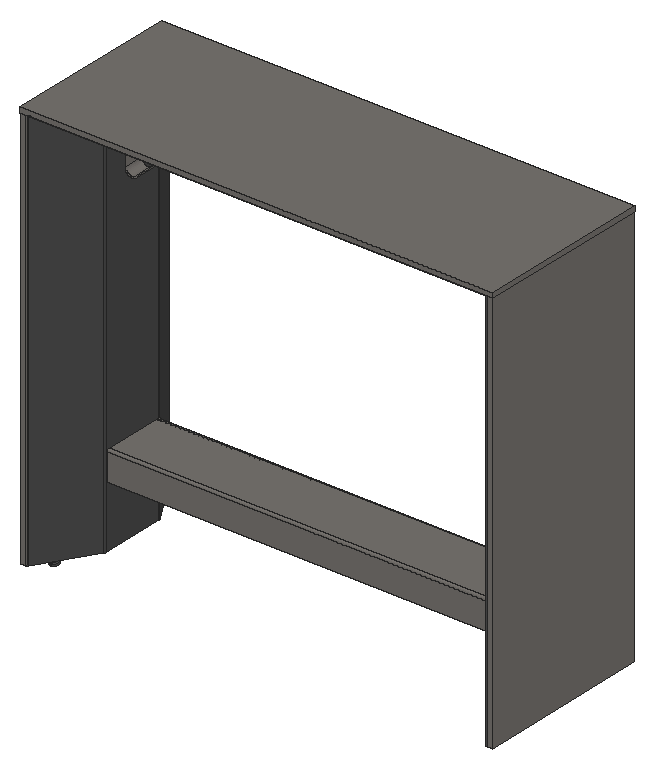
Revit family "revitupgrade", category Furniture, Revit 2019
Family settings
  Work Plane-Based = No
  Always vertical = Yes
  Cut with Voids When Loaded = No
  Shared = No
  Room Calculation Point = No
Parameters (values of type "48W")
  Width = 48.00"
  URL = "https://www.steelcase.com"
  Top [instance] = Steelcase - 25L6 Blackwood LPL
  Symbol Name = "TS4TPSTS48A,TS4TPSTS48A2,TS4TPSTS48A3"
  Style Number(s) = "TS4TPSTS48"
  Release Date = "April 2018"  # constant formula
  Receptacle = Steelcase - 6249 Platinum Solid
  Product Line = "Turnstone"  # constant formula
  Product = "Campfire"  # constant formula
  Power Cord = Steelcase - 6205 Black
  Opaque [instance] = yes
  Manufacturer = "Steelcase"  # constant formula
  Frame [instance] = Steelcase - 25L6 Blackwood LPL
  Description = ""
  Copyright = "© 2010 Steelcase Inc."  # constant formula
  AutoCAD Tag = "48"
  Authoring Version = "Revit 2016"  # constant formula
  Assembly Code = "E2020200"
Types (2): name | Width | Symbol Name | Style Number(s) | AutoCAD Tag
  60W | 60.00" | "TS4TPSTS60A5,TS4TPSTS60A6,TS4TPSTS60A4" | "TS4TPSTS60" | "60"
  48W | 48.00" | "TS4TPSTS48A,TS4TPSTS48A2,TS4TPSTS48A3" | "TS4TPSTS48" | "48"
Reference planes (in)
  plane 1 "Center Front/Back": y = 0
  plane 2 "Bottom": z = 0
  plane 3 "Center Left/Right": x = 0
  plane 4: x = 48
  plane 5: z = 0.3189
  plane 6: y = -0.0395
  plane 7: y = -17.96063
  plane 8: y = -17.99999
  plane 9: x = 0.07855
  plane 10: x = 47.92143
  plane 11: x = 47.40648
  plane 12: x = 0.59351
  plane 13: x = 0.77099
  plane 14: through (0, -14.08785, 38.93183) normal (0, -0.5323, -0.8465)
  plane 15: through (0, -0.97067, 40.78146) normal (0, -0.5323, 0.8465)
  plane 16: y = -9
  plane 17: x = 4.22243
  plane 18: x = 43.77769
  plane 19: x = 24
Forms (in)
  Extrusion 1, solid, material "Steelcase - 25L6 Blackwood LPL" <- "Top"
    sketch origin (0, 0, 0) x (1, 0, 0) y (0, 1, 0)
      loop
        line (0, -0.0395) -> (0, -17.99999) -> (48, -17.99999) -> (48, -0.0395) -> (0, -0.0395)
    from 41.46425 to 41.97725
  Extrusion 2, solid, material "Steelcase - 25L6 Blackwood LPL" <- "Frame"
    sketch origin (0, 0, 0) x (1, 0, 0) y (0, 0, 1)
      loop
        line (0.07855, 41.46425) -> (0.07855, 0.49497) -> (0.59351, 0.49497) -> (0.59351, 41.46425) -> (0.07855, 41.46425)
      loop
        line (47.40648, 41.46425) -> (47.40648, 0.49497) -> (47.92143, 0.49497) -> (47.92143, 41.46425) -> (47.40648, 41.46425)
    from 0.0395 to 17.96063
  Extrusion 3, solid, material "Steelcase - 6205 Black" <- "Power Cord"
    sketch origin (66, 0, 0) x (-1, 0, 0) y (0, -1, 0)
      loop
        line (18.59352, 17.82528) -> (18.59352, 0.17703)
        arc (18.59352, 0.17703) -> (18.67384, 0.06783) -> (18.80201, 0.11197) r 0.11439
        line (18.80201, 0.11197) -> (22.1626, 5.49014)
        arc (22.1626, 5.49014) -> (22.20708, 5.59007) -> (22.22231, 5.69838) r 0.39298
        line (22.22231, 5.69838) -> (22.22231, 12.29793)
        arc (22.22231, 12.29793) -> (22.20659, 12.40978) -> (22.16065, 12.51296) r 0.40578
        line (22.16065, 12.51296) -> (18.79981, 17.89153)
        arc (18.79981, 17.89153) -> (18.67251, 17.93361) -> (18.59352, 17.82528) r 0.11378
    from 0.49497 to 41.46425
  Extrusion 4, solid, material "Steelcase - 6205 Black" <- "Power Cord"
    sketch origin (0, 0, 0) x (0, 1, 0) y (0, 0, 1)
      loop
        line (-5.46283, 37.95673) -> (-0.24075, 41.24044)
        arc (-0.24075, 41.24044) -> (-0.18881, 41.37662) -> (-0.30527, 41.46425) r 0.1212
        line (-0.30527, 41.46425) -> (-17.6872, 41.46425)
        arc (-17.6872, 41.46425) -> (-17.80574, 41.37505) -> (-17.75287, 41.23644) r 0.12337
        line (-17.75287, 41.23644) -> (-12.53716, 37.95673)
        arc (-12.53716, 37.95673) -> (-12.4095, 37.89956) -> (-12.271, 37.88) r 0.5
        line (-12.271, 37.88) -> (-5.72899, 37.88)
        arc (-5.72899, 37.88) -> (-5.59049, 37.89956) -> (-5.46283, 37.95673) r 0.5
    from 0.59351 to 47.40648
  Extrusion 5, solid, material "Steelcase - 25L6 Blackwood LPL" <- "Frame"
    sketch origin (0, 0, 0) x (0, 1, 0) y (0, 0, 1)
      loop
        arc (-5.93237, 9.74631) -> (-5.83589, 9.70634) -> (-5.79592, 9.60986) r 0.13645
        line (-5.79592, 9.60986) -> (-5.79592, 6.84929) -> (-5.69293, 6.84929) -> (-5.69293, 9.61591)
        arc (-5.69293, 9.61591) -> (-5.76128, 9.78094) -> (-5.92631, 9.84929) r 0.23339
        line (-5.92631, 9.84929) -> (-12.07776, 9.84929)
        arc (-12.07776, 9.84929) -> (-12.23993, 9.78212) -> (-12.30711, 9.61995) r 0.22935
        line (-12.30711, 9.61995) -> (-12.30711, 6.85081) -> (-12.20411, 6.85081) -> (-12.20411, 9.61509)
        arc (-12.20411, 9.61509) -> (-12.16568, 9.70788) -> (-12.07289, 9.74631) r 0.13122
        line (-12.07289, 9.74631) -> (-5.93237, 9.74631)
    from 4.22243 to 43.77769
  Extrusion 6, solid, material "Steelcase - 6205 Black" <- "Power Cord"
    sketch origin (-6, 0, 0) x (1, 0, 0) y (0, 1, 0)
      loop
        arc (6.59351, -17.82528) -> (6.67255, -17.93363) -> (6.79986, -17.89144) r 0.11378
        line (6.79986, -17.89144) -> (10.16077, -12.51277)
        arc (10.16077, -12.51277) -> (10.20671, -12.40959) -> (10.22243, -12.29774) r 0.40578
        line (10.22243, -12.29774) -> (10.22243, -5.69857)
        arc (10.22243, -5.69857) -> (10.2072, -5.59026) -> (10.16271, -5.49033) r 0.39298
        line (10.16271, -5.49033) -> (6.80208, -0.11209)
        arc (6.80208, -0.11209) -> (6.6739, -0.06781) -> (6.59351, -0.17703) r 0.11439
        line (6.59351, -0.17703) -> (6.59351, -17.82528)
    from 0.49497 to 41.46425
  Extrusion 7, solid, material "Steelcase - 25L6 Blackwood LPL" <- "Frame"
    sketch origin (0, 0, 0) x (1, 0, 0) y (0, 0, 1)
      loop
        line (4.2975, 36.63669) -> (4.22243, 36.63669) -> (4.22243, 34.55698)
        arc (4.22243, 34.55698) -> (4.69147, 33.86159) -> (5.51193, 34.03598) r 0.75
        line (5.51193, 34.03598) -> (6.62404, 35.1876) -> (6.57224, 35.23939) -> (5.4602, 34.08784)
        arc (5.4602, 34.08784) -> (4.72042, 33.93059) -> (4.2975, 34.5576) r 0.67625
        line (4.2975, 34.5576) -> (4.2975, 36.63669)
    from 7.99996 to 9.99998
  Extrusion 8, solid, material "Steelcase - 25L6 Blackwood LPL" <- "Frame"
    sketch origin (48, 0, 0) x (-1, 0, 0) y (0, 0, -1)
      loop
        line (4.2975, -36.63669) -> (4.2975, -34.5576)
        arc (4.2975, -34.5576) -> (4.72042, -33.93059) -> (5.4602, -34.08784) r 0.67625
        line (5.4602, -34.08784) -> (6.57224, -35.23939) -> (6.62404, -35.1876) -> (5.51181, -34.03586)
        arc (5.51181, -34.03586) -> (4.69135, -33.86146) -> (4.22231, -34.55685) r 0.75
        line (4.22231, -34.55685) -> (4.22231, -36.63669) -> (4.2975, -36.63669)
    from 7.99996 to 9.99998
  Extrusion 9, void
    sketch origin (-0.15625, 0, 0) x (1, 0, 0) y (0, 1, 0)
      loop
        line (5.26271, -7.97571) -> (6.26611, -8.10659)
        arc (6.26611, -8.10659) -> (6.44211, -8.20789) -> (6.53029, -8.39082) r 0.34391
        line (6.53029, -8.39082) -> (6.53029, -9.60918)
        arc (6.53029, -9.60918) -> (6.43486, -9.79968) -> (6.24552, -9.89741) r 0.34391
        line (6.24552, -9.89741) -> (5.05829, -10.02138) -> (5.05829, -10.24996) -> (7.2102, -10.24996) -> (7.2102, -7.49996) -> (5.26271, -7.49996) -> (5.26271, -7.97571)
    from 20.31768 to 36.63669
  Extrusion 10, void
    sketch origin (48.15625, 0, 0) x (-1, 0, 0) y (0, -1, 0)
      loop
        line (5.26271, 7.97571) -> (5.26271, 7.49996) -> (7.2102, 7.49996) -> (7.2102, 10.24996) -> (5.05829, 10.24996) -> (5.05829, 10.02138) -> (6.24552, 9.89741)
        arc (6.24552, 9.89741) -> (6.43486, 9.79968) -> (6.53029, 9.60918) r 0.34391
        line (6.53029, 9.60918) -> (6.53029, 8.39082)
        arc (6.53029, 8.39082) -> (6.44211, 8.20789) -> (6.26611, 8.10659) r 0.34391
        line (6.26611, 8.10659) -> (5.26271, 7.97571)
    from 20.31768 to 36.63669
  Extrusion 11, solid, material "Steelcase - 6249 Platinum Solid" <- "Receptacle"
    sketch origin (0, -14.08785, 38.93183) x (0, -0.846544, 0.532319) y (-1, 0, 0)
      loop
        line (1.84584, -22.42039) -> (0.0962, -22.42039) -> (0.0962, -25.56436) -> (1.84584, -25.56436) -> (1.84584, -22.42039)
    from 0 to 0.06421
  Extrusion 12, solid, material "Steelcase - 6249 Platinum Solid" <- "Receptacle"
    sketch origin (0, -14.12203, 38.87747) x (0, -0.846544, 0.532319) y (-1, 0, 0)
      loop
        line (1.79268, -23.46387) -> (0.29268, -23.46387) -> (0.29268, -24.53613) -> (1.79268, -24.53613) -> (1.79268, -23.46387)
      loop
        line (1.59888, -23.68635) -> (0.80293, -23.68635) -> (0.80293, -23.81246) -> (1.59888, -23.81246) -> (1.59888, -23.68635)
      loop
        line (1.56539, -24.17851) -> (0.93407, -24.17851) -> (0.93407, -24.30135) -> (1.56539, -24.30135) -> (1.56539, -24.17851)
      loop
        line (1.00537, -23.88104) -> (0.6373, -23.88104) -> (0.6373, -24.12519) -> (1.00537, -24.12519) -> (1.00537, -23.88104)
    from 0 to 0.04
  Extrusion 13, solid, material "Steelcase - 6249 Platinum Solid" <- "Receptacle"
    sketch origin (0, -3.91214, 38.93183) x (0, 0.846544, 0.532319) y (1, 0, 0)
      loop
        line (1.84584, 22.42039) -> (1.84584, 25.56436) -> (0.0962, 25.56436) -> (0.0962, 22.42039) -> (1.84584, 22.42039)
    from 0 to 0.06421
  Extrusion 14, solid, material "Steelcase - 6249 Platinum Solid" <- "Receptacle"
    sketch origin (0, -3.87796, 38.87747) x (0, 0.846544, 0.532319) y (1, 0, 0)
      loop
        line (1.79268, 23.46387) -> (1.79268, 24.53613) -> (0.29268, 24.53613) -> (0.29268, 23.46387) -> (1.79268, 23.46387)
      loop
        line (1.59888, 23.68635) -> (1.59888, 23.81246) -> (0.80293, 23.81246) -> (0.80293, 23.68635) -> (1.59888, 23.68635)
      loop
        line (1.56539, 24.17851) -> (1.56539, 24.30135) -> (0.93407, 24.30135) -> (0.93407, 24.17851) -> (1.56539, 24.17851)
      loop
        line (1.00537, 23.88104) -> (1.00537, 24.12519) -> (0.6373, 24.12519) -> (0.6373, 23.88104) -> (1.00537, 23.88104)
    from 0 to 0.04
  Revolve 15, solid, material "Steelcase - 6205 Black"
    sketch origin (1.5598, -1.02049, 0) x (0, 1, 0) y (0, 0, 1)
      loop
        line (-1.38728, 1.44086) -> (-1.38728, 0) -> (-0.9493, 0) -> (-0.9493, 0.11883)
        arc (-0.9493, 0.11883) -> (-1.04963, 0.19109) -> (-1.088, 0.30864) r 0.19921
        line (-1.088, 0.30864) -> (-1.088, 0.44428) -> (-1.22845, 0.44428) -> (-1.22845, 1.40005) -> (-1.27149, 1.44086) -> (-1.38728, 1.44086)
      axis (-1.38728, 1.44086) -> (-1.38728, 0)
    angle from 0 to 360
  Revolve 16, solid, material "Steelcase - 6205 Black"
    sketch origin (1.5598, -16.9795, 0) x (0, -1, 0) y (0, 0, -1)
      loop
        line (-1.38728, -1.44086) -> (-1.27149, -1.44086) -> (-1.22845, -1.40005) -> (-1.22845, -0.44428) -> (-1.088, -0.44428) -> (-1.088, -0.30864)
        arc (-1.088, -0.30864) -> (-1.04963, -0.19109) -> (-0.9493, -0.11883) r 0.19921
        line (-0.9493, -0.11883) -> (-0.9493, 0) -> (-1.38728, 0) -> (-1.38728, -1.44086)
      axis (-1.38728, -1.44086) -> (-1.38728, 0)
    angle from 0 to 360
  Revolve 17, solid, material "Steelcase - 6205 Black"
    sketch origin (46.4402, -1.02049, 0) x (0, 1, 0) y (0, 0, -1)
      loop
        line (-1.38728, -1.44086) -> (-1.27149, -1.44086) -> (-1.22845, -1.40005) -> (-1.22845, -0.44428) -> (-1.088, -0.44428) -> (-1.088, -0.30864)
        arc (-1.088, -0.30864) -> (-1.04963, -0.19109) -> (-0.9493, -0.11883) r 0.19921
        line (-0.9493, -0.11883) -> (-0.9493, 0) -> (-1.38728, 0) -> (-1.38728, -1.44086)
      axis (-1.38728, -1.44086) -> (-1.38728, 0)
    angle from 0 to 360
  Revolve 18, solid, material "Steelcase - 6205 Black"
    sketch origin (46.4402, -16.9795, 0) x (0, -1, 0) y (0, 0, 1)
      loop
        line (-1.38728, 1.44086) -> (-1.38728, 0) -> (-0.9493, 0) -> (-0.9493, 0.11883)
        arc (-0.9493, 0.11883) -> (-1.04963, 0.19109) -> (-1.088, 0.30864) r 0.19921
        line (-1.088, 0.30864) -> (-1.088, 0.44428) -> (-1.22845, 0.44428) -> (-1.22845, 1.40005) -> (-1.27149, 1.44086) -> (-1.38728, 1.44086)
      axis (-1.38728, 1.44086) -> (-1.38728, 0)
    angle from 0 to 360
Cuts and joins
  Extrusion 9 cuts Extrusion 5
  Extrusion 9, Extrusion 10 cuts Extrusion 7
  Extrusion 10 cuts Extrusion 8
Lines and regions (in)
  Masking region 1, visible <- "Opaque"
    outline origin (0, 0, 0) x (1, 0, 0) y (0, 1, 0)
      loop
        line (48, 0) -> (0, 0) -> (0, -17.99999) -> (48, -17.99999) -> (48, 0)
  symbolic lines, style "Steelcase Furniture"
    curve 1: line (0, 0, 0) -> (48, 0, 0)
    curve 2: line (0, -17.99999, 0) -> (0, 0, 0)
    curve 3: line (48, -17.99999, 0) -> (0, -17.99999, 0)
    curve 4: line (48, 0, 0) -> (48, -17.99999, 0)
Dimensions and locks (in)
  locked: plane 5 to plane 2 "Bottom" at 0.3189
  plane 3 "Center Left/Right" to plane 9 to plane 12 to plane 13 to plane 17 = 0.07855" locked, 0.51496" locked, 0.17748" locked, 3.45144" locked
  plane 18 to plane 11 to plane 10 to plane 4 = 3.62879" locked, 0.51495" locked, 0.07857" locked
  equal spacing: plane 1 "Center Front/Back", plane 16, plane 8
  locked: plane 6 to plane 1 "Center Front/Back" at 0.0395
  locked: plane 8 to plane 7 at 0.03937
  "Width": plane 3 "Center Left/Right" to plane 4
  equal spacing: plane 3 "Center Left/Right", plane 19, plane 4
  locked: plane 18 to Extrusion 8 sketch curve at 0.07519
  locked: plane 16 to Extrusion 9 sketch curve at 1.50003
  locked: Extrusion 9 sketch curve to plane 16 at 1.24997
  plane 17 to Extrusion 9 sketch curve = 0.88403"
  Extrusion 11 sketch curve to plane 19 to Extrusion 11 sketch curve = 1.56436" locked, 1.57961" locked
  equal spacing: Extrusion 12 sketch curve, plane 19, Extrusion 12 sketch curve, locked at 0.53613 each
  Extrusion 12 sketch curve to Extrusion 12 sketch curve to plane 19 to Extrusion 12 sketch curve to Extrusion 12 sketch curve = 0.12284" locked, 0.17851" locked, 0.18754" locked, 0.12611" locked
  Extrusion 12 sketch curve to plane 19 to Extrusion 12 sketch curve = 0.12519" locked, 0.11896" locked
  Extrusion 13 sketch curve to Extrusion 13 sketch curve = 3.14397"
  Extrusion 14 sketch curve to Extrusion 14 sketch curve = 1.07225"
  Extrusion 14 sketch curve to Extrusion 14 sketch curve to Extrusion 14 sketch curve to Extrusion 14 sketch curve = 0.12611" locked, 0.36605", 0.12284" locked
  Extrusion 14 sketch curve to Extrusion 14 sketch curve = 0.24416"
  locked: Revolve 17 to plane 11 at 0.96628
  locked: Revolve 18 to plane 11 at 0.96628
  aligned and locked: level to plane 2 "Bottom"
  aligned and locked: Extrusion 1 to plane 6
  aligned and locked: plane 7 to Extrusion 2
  aligned and locked: plane 8 to Extrusion 1
  aligned and locked: Extrusion 2 to plane 7  (x2)
  aligned and locked: Extrusion 2 to plane 6
  aligned and locked: Extrusion 3 to plane 11
  aligned and locked: plane 11 to Extrusion 2
  aligned and locked: plane 12 to Extrusion 2
  aligned and locked: Extrusion 4 to plane 11
  aligned and locked: Extrusion 5 to plane 17
  aligned and locked: Extrusion 5 to plane 18
  aligned and locked: plane 18 to Extrusion 3 sketch curve
  aligned and locked: Extrusion 3 sketch curve to plane 11
  aligned and locked: plane 12 to Extrusion 6 sketch curve
  aligned and locked: Extrusion 6 sketch curve to plane 17
  aligned and locked: plane 18 to Extrusion 8 sketch curve
Automatic sketch dimensions
  curve 3 to plane 3 "Center Left/Right" = 0.00"
  curve 3 to plane 4 = 0.00"
  plane 8 to curve 3 = 0.00"
  plane 1 "Center Front/Back" to curve 2 = 0.00"
  Extrusion 1 sketch curve to plane 3 "Center Left/Right" = 0.00"
  Extrusion 1 sketch curve to plane 4 = 0.00"
  plane 8 to Extrusion 1 sketch curve = 0.00"
  plane 6 to Extrusion 1 sketch curve = 0.00"
  Extrusion 2 sketch curve to plane 9 = 0.00"
  Extrusion 2 sketch curve to plane 12 = 0.00"
  plane 11 to Extrusion 2 sketch curve = 0.00"
  plane 10 to Extrusion 2 sketch curve = 0.00"
  plane 5 to Extrusion 2 sketch curve = 0.17607"  (x2)
  Extrusion 2 sketch curve to Extrusion 2 sketch curve = 40.96928"  (x2)
  plane 1 "Center Front/Back" to Masking region 1 sketch curve = 0.00"
  Masking region 1 sketch curve to plane 3 "Center Left/Right" = 0.00"
  Masking region 1 sketch curve to plane 4 = 0.00"
  plane 8 to Masking region 1 sketch curve = 0.00"
  Extrusion 3 sketch curve to plane 11 = 0.11378"
  Extrusion 3 sketch curve to Extrusion 3 sketch curve = 0.11439"
  plane 7 to Extrusion 3 sketch curve = 0.0691"
  Extrusion 3 sketch curve to Extrusion 3 sketch curve = 0.09251"
  Extrusion 3 sketch curve to plane 6 = 0.07247"
  Extrusion 3 sketch curve to Extrusion 3 sketch curve = 0.09409"
  plane 18 to Extrusion 3 sketch curve = 0.40578"
  plane 18 to Extrusion 3 sketch curve = 0.39298"
  plane 18 to Extrusion 3 sketch curve = 0.06166"
  plane 18 to Extrusion 3 sketch curve = 0.05971"
  Extrusion 3 sketch curve to plane 16 = 3.51296"
  plane 16 to Extrusion 3 sketch curve = 3.30161"
  Extrusion 4 sketch curve to plane 14 = 0.00"
  plane 14 to Extrusion 4 sketch curve = 0.00"
  Extrusion 4 sketch curve to plane 15 = 0.00"
  plane 15 to Extrusion 4 sketch curve = 0.00"
  Extrusion 4 sketch curve to plane 7 = 0.20775"
  Extrusion 4 sketch curve to Extrusion 4 sketch curve = 0.06567"
  plane 16 to Extrusion 4 sketch curve = 3.53716"
  Extrusion 4 sketch curve to Extrusion 4 sketch curve = 0.26616"  (x2)
  Extrusion 4 sketch curve to plane 16 = 3.27101"
  plane 6 to Extrusion 4 sketch curve = 0.26577"
  Extrusion 4 sketch curve to Extrusion 4 sketch curve = 0.06452"
  Extrusion 4 sketch curve to Extrusion 4 sketch curve = 0.07673"
  Extrusion 4 sketch curve to Extrusion 4 sketch curve = 0.10444"
  plane 16 to Extrusion 5 sketch curve = 3.30711"
  Extrusion 5 sketch curve to Extrusion 5 sketch curve = 0.103"  (x2)
  Extrusion 5 sketch curve to Extrusion 5 sketch curve = 0.12635"
  Extrusion 5 sketch curve to Extrusion 5 sketch curve = 0.00487"
  Extrusion 5 sketch curve to plane 16 = 3.06762"
  Extrusion 5 sketch curve to Extrusion 5 sketch curve = 0.00606"
  Extrusion 5 sketch curve to Extrusion 5 sketch curve = 0.13039"
  plane 5 to Extrusion 5 sketch curve = 6.53039"
  Extrusion 5 sketch curve to Extrusion 5 sketch curve = 0.00151"
  Extrusion 5 sketch curve to Extrusion 5 sketch curve = 2.76056"
  Extrusion 5 sketch curve to Extrusion 5 sketch curve = 0.00605"
  Extrusion 6 sketch curve to plane 13 = 0.06369"
  Extrusion 6 sketch curve to plane 13 = 0.06308"
  plane 13 to Extrusion 6 sketch curve = 0.02887"
  plane 13 to Extrusion 6 sketch curve = 0.03109"
  Extrusion 6 sketch curve to plane 17 = 0.40578"
  Extrusion 6 sketch curve to Extrusion 6 sketch curve = 0.39298"
  Extrusion 6 sketch curve to plane 17 = 0.06166"
  Extrusion 6 sketch curve to plane 17 = 0.05971"
  Extrusion 6 sketch curve to plane 7 = 0.06918"
  plane 16 to Extrusion 6 sketch curve = 3.51277"
  Extrusion 6 sketch curve to plane 16 = 3.30142"
  plane 6 to Extrusion 6 sketch curve = 0.13753"
  Extrusion 7 sketch curve to plane 17 = 0.00"
  Extrusion 7 sketch curve to Extrusion 7 sketch curve = 0.07507"
  Extrusion 7 sketch curve to Extrusion 7 sketch curve = 0.67493"
  Extrusion 7 sketch curve to Extrusion 7 sketch curve = 0.00132"
  Extrusion 7 sketch curve to Extrusion 7 sketch curve = 0.48645"
  Extrusion 7 sketch curve to Extrusion 7 sketch curve = 0.05173"
  Extrusion 7 sketch curve to Extrusion 7 sketch curve = 1.11204"
  Extrusion 7 sketch curve to Extrusion 7 sketch curve = 0.05179"  (x2)
  plane 5 to Extrusion 7 sketch curve = 33.71708"
  Extrusion 7 sketch curve to Extrusion 7 sketch curve = 0.05186"
  Extrusion 7 sketch curve to Extrusion 7 sketch curve = 1.15162"
  Extrusion 7 sketch curve to Extrusion 7 sketch curve = 2.07971"
  Extrusion 8 sketch curve to Extrusion 8 sketch curve = 0.67481"
  Extrusion 8 sketch curve to Extrusion 8 sketch curve = 0.00144"
  Extrusion 8 sketch curve to Extrusion 8 sketch curve = 0.48645"
  Extrusion 8 sketch curve to Extrusion 8 sketch curve = 0.05161"
  Extrusion 8 sketch curve to Extrusion 8 sketch curve = 1.11204"
  Extrusion 8 sketch curve to Extrusion 8 sketch curve = 0.05179"  (x2)
  Extrusion 8 sketch curve to plane 5 = 33.71696"
  Extrusion 8 sketch curve to Extrusion 8 sketch curve = 0.05198"
  Extrusion 8 sketch curve to Extrusion 8 sketch curve = 1.15174"
  Extrusion 8 sketch curve to Extrusion 8 sketch curve = 2.07984"
  plane 17 to Extrusion 9 sketch curve = 0.67962"
  plane 16 to Extrusion 9 sketch curve = 0.55797"
  Extrusion 9 sketch curve to Extrusion 9 sketch curve = 1.13191"
  Extrusion 9 sketch curve to Extrusion 9 sketch curve = 0.9275"
  plane 16 to Extrusion 9 sketch curve = 0.89741"
  Extrusion 9 sketch curve to Extrusion 9 sketch curve = 0.05531"
  Extrusion 9 sketch curve to plane 16 = 0.89341"
  Extrusion 9 sketch curve to Extrusion 9 sketch curve = 0.0759"
  Extrusion 9 sketch curve to Extrusion 9 sketch curve = 0.34008"
  Extrusion 9 sketch curve to Extrusion 9 sketch curve = 0.67991"
  Extrusion 9 sketch curve to Extrusion 9 sketch curve = 0.22859"
  Extrusion 9 sketch curve to Extrusion 9 sketch curve = 0.33543"
  Extrusion 9 sketch curve to Extrusion 9 sketch curve = 0.47575"
  Extrusion 10 sketch curve to plane 18 = 0.67974"
  Extrusion 10 sketch curve to plane 18 = 0.88415"
  Extrusion 10 sketch curve to plane 16 = 0.55797"
  Extrusion 10 sketch curve to Extrusion 10 sketch curve = 1.13191"
  Extrusion 10 sketch curve to Extrusion 10 sketch curve = 0.9275"
  Extrusion 10 sketch curve to plane 16 = 0.89741"
  Extrusion 10 sketch curve to Extrusion 10 sketch curve = 0.05531"
  plane 16 to Extrusion 10 sketch curve = 0.89341"
  Extrusion 10 sketch curve to Extrusion 10 sketch curve = 0.0759"
  Extrusion 10 sketch curve to Extrusion 10 sketch curve = 0.34008"
  Extrusion 10 sketch curve to Extrusion 10 sketch curve = 0.67991"
  Extrusion 10 sketch curve to plane 16 = 1.02138"
  Extrusion 10 sketch curve to Extrusion 10 sketch curve = 0.22859"
  Extrusion 10 sketch curve to Extrusion 10 sketch curve = 0.33543"
  Extrusion 10 sketch curve to Extrusion 10 sketch curve = 0.13088"
  Extrusion 10 sketch curve to Extrusion 10 sketch curve = 0.47575"
  Extrusion 11 sketch curve to Extrusion 11 sketch curve = 1.74964"
  Extrusion 12 sketch curve to Extrusion 11 = 0.19648"
  Extrusion 12 sketch curve to Extrusion 12 sketch curve = 0.34461"
  Extrusion 12 sketch curve to Extrusion 12 sketch curve = 0.16563"
  Extrusion 12 sketch curve to Extrusion 12 sketch curve = 0.29678"
  Extrusion 12 sketch curve to Extrusion 12 sketch curve = 0.20244"
  Extrusion 12 sketch curve to Extrusion 11 = 0.28045"
  Extrusion 12 sketch curve to Extrusion 11 = 0.24696"
  Extrusion 12 sketch curve to Extrusion 11 = 0.05316"
  Extrusion 12 sketch curve to Extrusion 12 sketch curve = 0.41093"
  plane 19 to Extrusion 13 sketch curve = 1.57961"
  Extrusion 13 sketch curve to Extrusion 13 sketch curve = 1.74964"
  Extrusion 14 sketch curve to Extrusion 13 = 0.19648"
  Extrusion 14 sketch curve to Extrusion 14 sketch curve = 0.34461"
  Extrusion 14 sketch curve to Extrusion 14 sketch curve = 0.16563"
  Extrusion 14 sketch curve to Extrusion 14 sketch curve = 0.29678"
  Extrusion 14 sketch curve to Extrusion 14 sketch curve = 0.20244"
  Extrusion 14 sketch curve to Extrusion 13 = 0.28045"
  Extrusion 14 sketch curve to Extrusion 13 = 0.24696"
  Extrusion 14 sketch curve to Extrusion 13 = 0.05316"
  Extrusion 14 sketch curve to Extrusion 13 = 1.04348"
  Extrusion 14 sketch curve to Extrusion 14 sketch curve = 0.22248"
  Extrusion 14 sketch curve to Extrusion 14 sketch curve = 0.06858"
  Extrusion 14 sketch curve to Extrusion 14 sketch curve = 0.41093"
  level to Revolve 15 sketch curve = 0.00"
  plane 5 to Revolve 15 sketch curve = 1.12196"
  plane 6 to Revolve 15 sketch curve = 2.36826"
  Revolve 15 sketch curve to Revolve 15 sketch curve = 0.11579"
  plane 5 to Revolve 15 sketch curve = 1.08115"
  Revolve 15 sketch curve to Revolve 15 sketch curve = 0.04304"
  Revolve 15 sketch curve to Revolve 15 sketch curve = 0.14045"
  Revolve 15 sketch curve to Revolve 15 sketch curve = 0.13871"
  Revolve 15 sketch curve to plane 5 = 0.01026"
  Revolve 15 sketch curve to Revolve 15 sketch curve = 0.06051"
  plane 5 to Revolve 15 sketch curve = 0.12538"
  Revolve 15 sketch curve to Revolve 15 sketch curve = 0.00"  (x2)
  Revolve 15 sketch curve to Revolve 15 sketch curve = 0.14577"
  level to Revolve 16 sketch curve = 0.00"
  plane 5 to Revolve 16 sketch curve = 1.12196"
  Revolve 16 sketch curve to plane 7 = 2.3684"
  Revolve 16 sketch curve to Revolve 16 sketch curve = 0.11579"
  plane 5 to Revolve 16 sketch curve = 1.08115"
  Revolve 16 sketch curve to Revolve 16 sketch curve = 0.04304"
  Revolve 16 sketch curve to Revolve 16 sketch curve = 0.14045"
  Revolve 16 sketch curve to Revolve 16 sketch curve = 0.13871"
  Revolve 16 sketch curve to plane 5 = 0.01026"
  Revolve 16 sketch curve to Revolve 16 sketch curve = 0.19921"
  plane 5 to Revolve 16 sketch curve = 0.12538"
  Revolve 16 sketch curve to Revolve 16 sketch curve = 0.00"  (x2)
  Revolve 16 sketch curve to Revolve 16 sketch curve = 0.14577"
  Revolve 17 sketch curve to level = 0.00"
  plane 5 to Revolve 17 sketch curve = 1.12196"
  plane 6 to Revolve 17 sketch curve = 2.36826"
  Revolve 17 sketch curve to Revolve 17 sketch curve = 0.11579"
  plane 5 to Revolve 17 sketch curve = 1.08115"
  Revolve 17 sketch curve to Revolve 17 sketch curve = 0.04304"
  Revolve 17 sketch curve to Revolve 17 sketch curve = 0.14045"
  Revolve 17 sketch curve to Revolve 17 sketch curve = 0.13871"
  Revolve 17 sketch curve to plane 5 = 0.01026"
  Revolve 17 sketch curve to Revolve 17 sketch curve = 0.19921"
  plane 5 to Revolve 17 sketch curve = 0.12538"
  Revolve 17 sketch curve to Revolve 17 sketch curve = 0.00"  (x2)
  Revolve 17 sketch curve to Revolve 17 sketch curve = 0.14577"
  Revolve 18 sketch curve to level = 0.00"
  plane 5 to Revolve 18 sketch curve = 1.12196"
  Revolve 18 sketch curve to plane 7 = 2.3684"
  Revolve 18 sketch curve to Revolve 18 sketch curve = 0.11579"
  plane 5 to Revolve 18 sketch curve = 1.08115"
  Revolve 18 sketch curve to Revolve 18 sketch curve = 0.04304"
  Revolve 18 sketch curve to Revolve 18 sketch curve = 0.14045"
  Revolve 18 sketch curve to Revolve 18 sketch curve = 0.13871"
  Revolve 18 sketch curve to plane 5 = 0.01026"
  Revolve 18 sketch curve to Revolve 18 sketch curve = 0.19921"
  plane 5 to Revolve 18 sketch curve = 0.12538"
  Revolve 18 sketch curve to Revolve 18 sketch curve = 0.00"  (x2)
  Revolve 18 sketch curve to Revolve 18 sketch curve = 0.14577"
